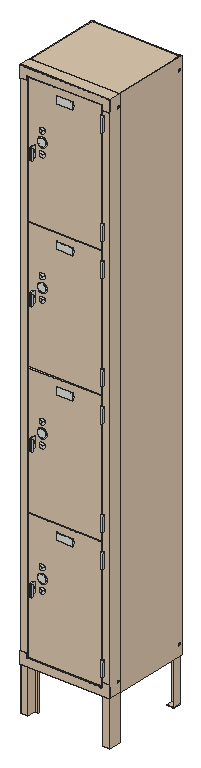
Revit family "Metal_Vented_Lockers-Salsbury_Industries-74000_Series-1_Wide_Units", category Specialty Equipment, Revit 2026 (continued)
Definition of nested family "Metal Locker Zee Base-Left Side"
  Dimensions and locks (in)
    "Depth": plane 7 "Left Edge of Enclosure" to plane 8 "Right Edge of Enclosure"
    "Width": plane 10 "Left Edge of Base" to plane 6 "Right Side of Unit"
    equal spacing: plane 10 "Left Edge of Base", plane 3 "Center (Left/Right)", plane 6 "Right Side of Unit"
    locked: plane 4 "Floor" to plane 9 "Bottom Edge of Enclosure" at 0.06
    aligned and locked: level to plane 2
    aligned and locked: plane 10 "Left Edge of Base" to Extrusion 1
  Automatic sketch dimensions
    plane 8 "Right Edge of Enclosure" to Extrusion 1 sketch curve = 0.000"
    Extrusion 1 sketch curve to plane 6 "Right Side of Unit" = 0.000"  (x2)
    plane 7 "Left Edge of Enclosure" to Extrusion 1 sketch curve = 0.000"
    Extrusion 1 sketch curve to plane 10 "Left Edge of Base" = 0.000"
    Extrusion 1 sketch curve to Extrusion 1 sketch curve = 0.060"
    plane 7 "Left Edge of Enclosure" to Extrusion 1 sketch curve = 0.060"
    plane 10 "Left Edge of Base" to Extrusion 1 sketch curve = 0.060"
    plane 5 "Top of Enclosure" to Extrusion 2 sketch curve = 0.000"
    Extrusion 2 sketch curve to Extrusion 2 sketch curve = 0.060"
    Extrusion 2 sketch curve to plane 7 "Left Edge of Enclosure" = 1.24133"
    plane 8 "Right Edge of Enclosure" to Extrusion 2 sketch curve = 1.250"
Definition of nested family "Metal Locker Zee Base Corner"
  Parameters (values of type "77572, 77575, 77578")
    Width = 2.000"
    Visible = yes
    Version = "1.0 (11/30/15)"
    Type Comments = "Zee Base Kit for Standard Metal Lockers - No Legs"
    Primary Structure Material = none
    Model = "n/a"
    Manufacturer = "Salsbury Industries"
    Height = 3.940"
    Description = "4\" H x 6' L - for 12\" Deep Lockers (Includes 6 Foot Front Base, 2 End Bases, Corner Splicer and 4 Rear Legs)"
    Depth = 2.000"
    Default Elevation = 0.000"
  Types (2): name | Visible
    77572, 77575, 77578 | yes
    None | no
  Reference planes (in)
    plane 1 "Center (Front/Back)": y = 0
    plane 2 "Bottom of Component": z = 0
    plane 3 "Center (Left/Right)": x = 0
    plane 4: z = 3.94
    plane 5: x = -1
    plane 6: x = 1
    plane 7 "Front": y = -1
    plane 8 "Back": y = 1
  Forms (in)
    Extrusion 1, solid, material <- "Primary Structure Material", visible <- "Visible"
      sketch origin (0, 0, 0) x (1, 0, 0) y (0, 1, 0)
        loop
          line (-1, 1) -> (-1, 0.94) -> (0.94, 0.94) -> (0.94, -1) -> (1, -1) -> (1, 1) -> (-1, 1)
      from 0 to 3.94
  Dimensions and locks (in)
    "Height": plane 4 to plane 2 "Bottom of Component"
    equal spacing: plane 5, plane 3 "Center (Left/Right)", plane 6
    "Width": plane 5 to plane 6
    equal spacing: plane 7 "Front", plane 1 "Center (Front/Back)", plane 8 "Back"
    "Depth": plane 7 "Front" to plane 8 "Back"
    aligned and locked: plane 2 "Bottom of Component" to level
  Automatic sketch dimensions
    Extrusion 1 sketch curve to plane 5 = 0.000"
    plane 7 "Front" to Extrusion 1 sketch curve = 0.000"
    Extrusion 1 sketch curve to plane 6 = 0.000"
    plane 8 "Back" to Extrusion 1 sketch curve = 0.000"
    plane 6 to Extrusion 1 sketch curve = 0.060"
    Extrusion 1 sketch curve to Extrusion 1 sketch curve = 0.060"
Definition of nested family "Metal Locker End Panel"
  Parameters (values of type "77362 - for 6' H x 12" D Lockers")
    Width = 0.925"
    Visible = yes
    Version = "1.0 (11/30/15)"
    Type Comments = "Finished End Panel for Standard Metal Lockers"
    Primary Structure Material = none
    Model = "77362"
    MasterFormat Title = ""
    MasterFormat Number = ""
    Manufacturer = "Salsbury Industries"
    Height = 72.000"
    Description = "End Panel for 6' H x 12\" Deep Lockers"
    Depth = 12.010"
    Default Elevation = 0.000"
    Assembly Code = ""
  Types (7): name | Visible | Model | Height | Description | Depth
    77362 - for 6' H x 12" D Lockers | yes | "77362" | 72.000" | "End Panel for 6' H x 12\" Deep Lockers" | 12.010"
    77365 - for 6' H x 15" D Lockers | yes | "77365" | 72.000" | "End Panel for 6' H x 15\" Deep Lockers" | 15.010"
    77368 - for 6' H X 18" D Lockers | yes | "77368" | 72.000" | "End Panel for 6' H x 18\" Deep Lockers" | 18.010"
    77352 - for 5' H x 12" D Lockers | yes | "77352" | 60.000" | "End Panel for 5' H x 12\" Deep Lockers" | 12.010"
    77355 - for 5' H x 15" D Lockers | yes | "77355" | 60.000" | "End Panel for 5' H x 15\" Deep Lockers" | 15.010"
    77358 - for 5' H x 18" D Lockers | yes | "77358" | 60.000" | "End Panel for 5' H x 18\" Deep Lockers" | 18.010"
    None | no | "n/a" | 72.000" | "" | 12.010"
  Reference planes (in)
    plane 1 "Center (Front/Back)": y = -2.167
    plane 2: z = 0
    plane 3 "Center (Left/Right)": x = -4.595
    plane 4 "Bottom of Panel": z = 0
    plane 5 "Top of Panel": z = 72
    plane 6 "Front of Panel": y = -8.172
    plane 7 "Right Side of Enclosure": x = -4.1325
    plane 8 "Left Side of Enclosure": x = -5.0575
    plane 9 "Back of Panel": y = 3.838
    plane 10: z = 36
    plane 11: z = 70.283
    plane 12: z = 1.717
    plane 13 "Outside Edge of Front Flap": y = -8.23214
    plane 14 "Outside Edge of Back Flap": y = 3.898
  Forms (in)
    Extrusion 1, solid, material <- "Primary Structure Material", visible <- "Visible"
      sketch origin (-4.1325, 0.48244, 0) x (0, 0, -1) y (0, -1, 0)
        loop
          line (-72, 8.71458) -> (-72, -3.41556) -> (0, -3.41556) -> (0, 8.71458) -> (-72, 8.71458)
      from 0 to -0.06
    Extrusion 2, solid, material <- "Primary Structure Material", visible <- "Visible"
      sketch origin (0, 3.838, 0) x (0, 0, -1) y (1, 0, 0)
        loop
          line (-72, -5.0575) -> (0, -5.0575) -> (0, -4.1325) -> (-72, -4.1325) -> (-72, -5.0575)
      from 0 to -0.06
    Extrusion 3, solid, material <- "Primary Structure Material", visible <- "Visible"
      sketch origin (0, -8.172, 0) x (1, 0, 0) y (0, 0, 1)
        loop
          line (-5.0575, 70.283) -> (-5.0575, 1.717) -> (-4.1325, 1.717) -> (-4.1325, 70.283) -> (-5.0575, 70.283)
      from 0.06014 to 0
  Dimensions and locks (in)
    equal spacing: plane 6 "Front of Panel", plane 1 "Center (Front/Back)", plane 9 "Back of Panel"
    "Depth": plane 6 "Front of Panel" to plane 9 "Back of Panel"
    equal spacing: plane 8 "Left Side of Enclosure", plane 3 "Center (Left/Right)", plane 7 "Right Side of Enclosure"
    "Width": plane 8 "Left Side of Enclosure" to plane 7 "Right Side of Enclosure"
    equal spacing: plane 5 "Top of Panel", plane 10, plane 2
    "Height": plane 5 "Top of Panel" to plane 2
    locked: plane 5 "Top of Panel" to plane 11 at 1.717
    locked: plane 13 "Outside Edge of Front Flap" to plane 6 "Front of Panel" at 0.06014
    locked: plane 9 "Back of Panel" to plane 14 "Outside Edge of Back Flap" at 0.06
    aligned and locked: level to plane 2
    aligned and locked: plane 5 "Top of Panel" to Extrusion 1 sketch curve
    aligned and locked: plane 5 "Top of Panel" to Extrusion 2 sketch curve
    aligned and locked: Extrusion 2 to plane 9 "Back of Panel"
    aligned and locked: plane 11 to Extrusion 3 sketch curve
    aligned and locked: plane 6 "Front of Panel" to Extrusion 3
    aligned and locked: plane 14 "Outside Edge of Back Flap" to Extrusion 2
    aligned and locked: Extrusion 1 to plane 14 "Outside Edge of Back Flap"
    aligned and locked: plane 13 "Outside Edge of Front Flap" to Extrusion 3
    aligned and locked: Extrusion 2 to plane 7 "Right Side of Enclosure"
    aligned and locked: Extrusion 3 to plane 7 "Right Side of Enclosure"
  Automatic sketch dimensions
    Extrusion 1 sketch curve to level = 0.000"
    Extrusion 2 sketch curve to level = 0.000"
    plane 8 "Left Side of Enclosure" to Extrusion 2 sketch curve = 0.000"
    plane 7 "Right Side of Enclosure" to Extrusion 2 sketch curve = 0.000"
    plane 8 "Left Side of Enclosure" to Extrusion 3 sketch curve = 0.000"
    Extrusion 3 sketch curve to plane 12 = 0.000"
    plane 7 "Right Side of Enclosure" to Extrusion 3 sketch curve = 0.000"
    Extrusion 1 sketch curve to plane 14 "Outside Edge of Back Flap" = 0.000"
    plane 6 "Front of Panel" to Extrusion 1 sketch curve = 0.06014"
Definition of nested family "Metal Locker Front Filler"
  Parameters (values of type "77869 - for 6' H Lockers (Zee Base or No Legs)")
    Width = 9.000"
    Visible = yes
    Version = "1.0 (11/30/15)"
    Type Comments = "Vertical Front Filler for Standard Metal Lockers"
    Primary Structure Material = none
    Model = "77865"
    MasterFormat Title = ""
    MasterFormat Number = ""
    Manufacturer = "Salsbury Industries"
    Height = 72.000"
    Description = "9\" W Vertical Front Filler for 6' H Lockers"
    Depth = 1.500"
    Default Elevation = 0.000"
    Assembly Code = ""
  Types (9): name | Width | Visible | Model | Height | Description | Depth
    77865 - for 6' H Lockers with Legs | 15.000" | yes | "77865" | 78.000" | "15\" W Vertical Front Filler for 6' H Lockers" | 1.000"
    77869 - for 6' H Lockers with Legs | 9.000" | yes | "77865" | 78.000" | "9\" W Vertical Front Filler for 6' H Lockers" | 1.000"
    77855 - for 5' H Lockers with Legs | 15.000" | yes | "77855" | 66.000" | "15\" W Vertical Front Filler for 5' H Lockers" | 1.000"
    77859 - for 5' H Lockers with Legs | 9.000" | yes | "77859" | 66.000" | "9\" W Vertical Front Filler for 5' H Lockers" | 1.000"
    None | 15.000" | no | "n/a" | 78.000" | "" | 1.500"
    77865 - for 6' H Lockers (Zee Base or No Legs) | 15.000" | yes | "77865" | 72.000" | "15\" W Vertical Front Filler for 6' H Lockers" | 1.000"
    77869 - for 6' H Lockers (Zee Base or No Legs) | 9.000" | yes | "77865" | 72.000" | "9\" W Vertical Front Filler for 6' H Lockers" | 1.500"
    77859 - for 5' H Lockers (Zee Base or No Legs) | 9.000" | yes | "77859" | 60.000" | "9\" W Vertical Front Filler for 5' H Lockers" | 1.000"
    77855 - for 5' H Lockers (Zee Base or No Legs) | 15.000" | yes | "77855" | 60.000" | "15\" W Vertical Front Filler for 5' H Lockers" | 1.000"
  Reference planes (in)
    plane 1 "Center (Front/Back)": y = -2.167
    plane 2: z = 0
    plane 3 "Center (Left/Right)": x = -4.595
    plane 4 "Bottom of Filler": z = 0
    plane 5 "Top of Panel": z = 72
    plane 6 "Front of Filler": y = -2.917
    plane 7 "Right Side of Filler": x = -0.095
    plane 8 "Left Side of Filler": x = -9.095
    plane 9 "Back of Filler": y = -1.417
    plane 10: z = 36
  Forms (in)
    Extrusion 1, solid, material <- "Primary Structure Material", visible <- "Visible"
      sketch origin (0, 0, 0) x (0, -1, 0) y (1, 0, 0)
        loop
          line (1.417, -9.095) -> (2.917, -9.095) -> (2.917, -1.095) -> (2.869, -1.095) -> (2.869, -9.047) -> (1.417, -9.047) -> (1.417, -9.095)
      from 0 to 72
    Extrusion 2, solid, material <- "Primary Structure Material", visible <- "Visible"
      sketch origin (0, -0.20425, 0) x (0, -1, 0) y (1, 0, 0)
        loop
          line (1.30875, -0.095) -> (1.30875, -0.143) -> (2.76075, -0.143) -> (2.76075, -1.595) -> (2.80875, -1.595) -> (2.80875, -0.095) -> (1.30875, -0.095)
      from 0 to 72
    Extrusion 3, solid, material <- "Primary Structure Material", visible <- "Visible"
      sketch origin (0, 0.10825, 0) x (0, -1, 0) y (1, 0, 0)
        loop
          line (3.07325, -1.595) -> (3.07325, -0.82524) -> (3.02525, -0.82524) -> (3.02525, -1.376) -> (3.02525, -1.449) -> (3.02525, -1.522) -> (3.02525, -1.595) -> (3.07325, -1.595)
      from 0 to 72
    Extrusion 4, solid, material <- "Primary Structure Material", visible <- "Visible"
      sketch origin (0, 0, 0) x (0, -1, 0) y (1, 0, 0)
        loop
          line (2.917, -0.82524) -> (2.821, -0.82524) -> (2.821, -1.80024) -> (2.869, -1.80024) -> (2.869, -0.87324) -> (2.917, -0.87324) -> (2.917, -0.82524)
      from 0 to 72
  Dimensions and locks (in)
    equal spacing: plane 6 "Front of Filler", plane 1 "Center (Front/Back)", plane 9 "Back of Filler"
    "Depth": plane 6 "Front of Filler" to plane 9 "Back of Filler"
    equal spacing: plane 8 "Left Side of Filler", plane 3 "Center (Left/Right)", plane 7 "Right Side of Filler"
    "Width": plane 8 "Left Side of Filler" to plane 7 "Right Side of Filler"
    equal spacing: plane 5 "Top of Panel", plane 10, plane 2
    "Height": plane 5 "Top of Panel" to plane 2
    aligned and locked: level to plane 2
    aligned and locked: Extrusion 1 to plane 5 "Top of Panel"
    aligned and locked: Extrusion 2 to plane 5 "Top of Panel"
    aligned and locked: Extrusion 3 to plane 5 "Top of Panel"
    aligned and locked: Extrusion 4 to plane 5 "Top of Panel"
  Automatic sketch dimensions
    plane 9 "Back of Filler" to Extrusion 1 sketch curve = 0.000"
    plane 6 "Front of Filler" to Extrusion 1 sketch curve = 0.000"
    Extrusion 1 sketch curve to plane 8 "Left Side of Filler" = 0.000"
    Extrusion 1 sketch curve to plane 6 "Front of Filler" = 0.048"
    Extrusion 1 sketch curve to Extrusion 1 sketch curve = 0.048"
    plane 7 "Right Side of Filler" to Extrusion 1 sketch curve = 1.000"
    Extrusion 2 sketch curve to plane 7 "Right Side of Filler" = 0.000"
    plane 7 "Right Side of Filler" to Extrusion 2 sketch curve = 0.048"
    plane 9 "Back of Filler" to Extrusion 2 sketch curve = 0.096"
    plane 6 "Front of Filler" to Extrusion 2 sketch curve = 0.048"
    Extrusion 2 sketch curve to Extrusion 2 sketch curve = 0.048"
    Extrusion 2 sketch curve to Extrusion 2 sketch curve = 1.452"
    plane 6 "Front of Filler" to Extrusion 3 sketch curve = 0.000"
    plane 7 "Right Side of Filler" to Extrusion 3 sketch curve = 1.500"
    Extrusion 3 sketch curve to Extrusion 3 sketch curve = 0.073"  (x3)
    Extrusion 3 sketch curve to Extrusion 3 sketch curve = 0.55076"
    Extrusion 3 sketch curve to Extrusion 3 sketch curve = 0.048"
    plane 6 "Front of Filler" to Extrusion 4 sketch curve = 0.000"
    Extrusion 4 sketch curve to plane 6 "Front of Filler" = 0.048"
    Extrusion 4 sketch curve to Extrusion 4 sketch curve = 0.048"  (x2)
    plane 7 "Right Side of Filler" to Extrusion 4 sketch curve = 1.70524"
    plane 7 "Right Side of Filler" to Extrusion 4 sketch curve = 0.77824"
Definition of nested family "Metal Locker Flat Top Filler"
  Parameters (values of type "77842 - for 12" Deep Lockers (15" W)")
    Width = 16.250"
    Visible = yes
    Version = "1.0 (11/30/15)"
    Type Comments = "Flat Top Filler for Standard Metal Lockers"
    Primary Structure Material = none
    Model = "77842"
    MasterFormat Title = ""
    MasterFormat Number = ""
    Manufacturer = "Salsbury Industries"
    Height = 1.003"
    Description = "15\"W Flat Top In-Line Filler"
    Depth = 12.118"
    Default Elevation = 0.000"
    Assembly Code = ""
  Types (7): name | Width | Visible | Model | Depth
    77842 - for 12" Deep Lockers (15" W) | 16.250" | yes | "77842" | 12.118"
    77842 - for 12" Deep Lockers (9" W) | 10.250" | yes | "77842" | 12.118"
    77845 - for 15" Deep Lockers (15" W) | 16.250" | yes | "77845" | 15.118"
    77845 - for 15" Deep Lockers (9" W) | 10.250" | yes | "77845" | 15.118"
    77848 - for 18" Deep Lockers (15" W) | 16.250" | yes | "77848" | 18.118"
    77848 - for 18" Deep Lockers (9" W) | 10.250" | yes | "77848" | 18.118"
    None | 16.250" | no | "" | 12.118"
  Reference planes (in)
    plane 1 "Center (Front/Back)": y = -2.167
    plane 2: z = 0
    plane 3 "Center (Left/Right)": x = -4.595
    plane 4 "Bottom of Panel": z = 0
    plane 5 "Top of Panel": z = 1.003
    plane 6 "Front of Panel": y = -8.226
    plane 7 "Right Side of Enclosure": x = 3.53
    plane 8 "Left Side of Enclosure": x = -12.72
    plane 9 "Back of Panel": y = 3.892
    plane 10: z = 0.5015
  Forms (in)
    Extrusion 1, solid, material <- "Primary Structure Material", visible <- "Visible"
      sketch origin (-4.595, 0, 0) x (0, 1, 0) y (0, 0, 1)
        loop
          line (-8.226, 0) -> (-8.178, 0) -> (-8.178, 0.955) -> (3.892, 0.955) -> (3.892, 1.003) -> (-8.226, 1.003) -> (-8.226, 0)
      from -8.125 to 8.125
  Dimensions and locks (in)
    equal spacing: plane 6 "Front of Panel", plane 1 "Center (Front/Back)", plane 9 "Back of Panel"
    "Depth": plane 6 "Front of Panel" to plane 9 "Back of Panel"
    equal spacing: plane 8 "Left Side of Enclosure", plane 3 "Center (Left/Right)", plane 7 "Right Side of Enclosure"
    "Width": plane 8 "Left Side of Enclosure" to plane 7 "Right Side of Enclosure"
    equal spacing: plane 5 "Top of Panel", plane 10, plane 2
    "Height": plane 5 "Top of Panel" to plane 2
    aligned and locked: level to plane 2
    aligned and locked: Extrusion 1 to plane 7 "Right Side of Enclosure"
    aligned and locked: plane 8 "Left Side of Enclosure" to Extrusion 1
    aligned and locked: plane 6 "Front of Panel" to Extrusion 1
    aligned and locked: Extrusion 1 to plane 9 "Back of Panel"
  Automatic sketch dimensions
    plane 5 "Top of Panel" to Extrusion 1 sketch curve = 0.000"
    Extrusion 1 sketch curve to plane 6 "Front of Panel" = 0.000"
    Extrusion 1 sketch curve to level = 0.000"
    Extrusion 1 sketch curve to plane 9 "Back of Panel" = 0.000"
    Extrusion 1 sketch curve to plane 6 "Front of Panel" = 0.048"
    plane 5 "Top of Panel" to Extrusion 1 sketch curve = 0.048"
Definition of nested family "Metal Locker Flat Corner Filler"
  Parameters (values of type "77832 - for 12" Deep Lockers")
    Width = 12.625"
    Visible = yes
    Version = "1.0 (11/30/15)"
    Type Comments = "Flat Top Corner Filler for Standard Metal Lockers"
    Primary Structure Material = none
    Model = "77832"
    MasterFormat Title = ""
    MasterFormat Number = ""
    Manufacturer = "Salsbury Industries"
    Height = 0.048"
    Description = "12\"W Flat Top Corner Filler"
    Depth = 12.625"
    Default Elevation = 0.000"
    Assembly Code = ""
  Types (4): name | Width | Visible | Model | Description | Depth
    77832 - for 12" Deep Lockers | 12.625" | yes | "77832" | "12\"W Flat Top Corner Filler" | 12.625"
    77835 - for 15" Deep Lockers | 15.625" | yes | "77835" | "15\"W Flat Top Corner Filler" | 15.625"
    77838 - for 18" Deep Lockers | 18.625" | yes | "77838" | "18\"W Flat Top Corner Filler" | 18.625"
    None | 12.625" | no | "" | "" | 12.625"
  Reference planes (in)
    plane 1 "Center (Front/Back)": y = -2.167
    plane 2: z = 0
    plane 3 "Center (Left/Right)": x = -4.595
    plane 4 "Bottom of Panel": z = 0
    plane 5 "Top of Panel": z = 0.048
    plane 6 "Front of Panel": y = -8.4795
    plane 7 "Right Side of Enclosure": x = 1.7175
    plane 8 "Left Side of Enclosure": x = -10.9075
    plane 9 "Back of Panel": y = 4.1455
    plane 10: z = 0.024
  Forms (in)
    Extrusion 1, solid, material <- "Primary Structure Material", visible <- "Visible"
      sketch origin (0, 0, 0) x (0, -1, 0) y (1, 0, 0)
        loop
          line (7.8545, -10.9075) -> (7.8545, -10.2825) -> (8.4795, -10.2825) -> (8.4795, 1.7175) -> (-4.1455, 1.7175) -> (-4.1455, -10.9075) -> (7.8545, -10.9075)
      from 0 to 0.048
  Dimensions and locks (in)
    equal spacing: plane 6 "Front of Panel", plane 1 "Center (Front/Back)", plane 9 "Back of Panel"
    "Depth": plane 6 "Front of Panel" to plane 9 "Back of Panel"
    equal spacing: plane 8 "Left Side of Enclosure", plane 3 "Center (Left/Right)", plane 7 "Right Side of Enclosure"
    "Width": plane 8 "Left Side of Enclosure" to plane 7 "Right Side of Enclosure"
    equal spacing: plane 5 "Top of Panel", plane 10, plane 2
    "Height": plane 5 "Top of Panel" to plane 2
    aligned and locked: level to plane 2
    aligned and locked: Extrusion 1 to plane 9 "Back of Panel"
    aligned and locked: plane 6 "Front of Panel" to Extrusion 1
    aligned and locked: Extrusion 1 to plane 7 "Right Side of Enclosure"
    aligned and locked: plane 8 "Left Side of Enclosure" to Extrusion 1
  Automatic sketch dimensions
    Extrusion 1 sketch curve to plane 8 "Left Side of Enclosure" = 0.000"
    plane 9 "Back of Panel" to Extrusion 1 sketch curve = 0.000"
    plane 6 "Front of Panel" to Extrusion 1 sketch curve = 0.000"
    Extrusion 1 sketch curve to plane 7 "Right Side of Enclosure" = 0.000"
    Extrusion 1 sketch curve to plane 8 "Left Side of Enclosure" = 0.625"
    Extrusion 1 sketch curve to plane 6 "Front of Panel" = 0.625"
Definition of nested family "Metal Locker Sloping Hood"
  Parameters (values of type "77752 - for 12" Deep Lockers (1 Wide)")
    Width = 12.040"
    Visible = yes
    Version = "1.0 (11/30/15)"
    Type Comments = "Sloping Hood for Standard Metal Lockers"
    Slope Angle = 28.761°
    Primary Structure Material = none
    Model = "77752"
    MasterFormat Title = ""
    MasterFormat Number = ""
    Manufacturer = "Salsbury Industries"
    Height = 6.625"
    Dividing Lines = no
    Description = "12\" Deep for up to (3) 12\" Wide Lockers"
    Depth = 12.070"
    Default Elevation = 0.000"
    Assembly Code = ""
  Types (12): name | Width | Visible | Slope Angle | Model | Height | Dividing Lines | Description | Depth
    77752 - for 12" Deep Lockers (1 Wide) | 12.040" | yes | 28.761° | "77752" | 6.625" | no | "12\" Deep for up to (3) 12\" Wide Lockers" | 12.070"
    77752 - for 12" Deep Lockers (3 Wide) | 36.040" | yes | 28.761° | "77752" | 6.625" | yes | "12\" Deep for up to (3) 12\" Wide Lockers" | 12.070"
    77755 - for 15" Deep Lockers (1 Wide) | 12.040" | yes | 29.946° | "77755" | 8.682" | no | "15\" Deep for up to (3) 12\" Wide Lockers" | 15.070"
    77755 - for 15" Deep Lockers (3 Wide) | 36.040" | yes | 29.946° | "77755" | 8.628" | yes | "15\" Deep for up to (3) 12\" Wide Lockers" | 15.070"
    77758 - for 18" Deep Lockers (1 Wide) | 12.040" | yes | 30.723° | "77758" | 10.739" | no | "18\" Deep for up to (3) 12\" Wide Lockers" | 18.070"
    77758 - for 18" Deep Lockers (3 Wide) | 36.040" | yes | 30.723° | "77758" | 10.739" | yes | "18\" Deep for up to (3) 12\" Wide Lockers" | 18.070"
    None | 12.000" | no | 28.761° | "" | 6.625" | no | "" | 12.070"
    77765 - for 15" Deep Lockers (1 Wide) | 15.040" | yes | 29.946° | "77752" | 6.625" | no | "12\" Deep for up to (3) 12\" Wide Lockers" | 15.070"
    77768 - for 18" Deep Lockers (1 Wide) | 15.040" | yes | 30.723° | "77752" | 6.625" | no | "12\" Deep for up to (3) 12\" Wide Lockers" | 18.070"
    77765 - for 15" Deep Lockers (3 Wide) | 45.040" | yes | 29.946° | "77752" | 6.625" | yes | "12\" Deep for up to (3) 12\" Wide Lockers" | 15.070"
    77768 - for 18" Deep Lockers (3 Wide) | 45.040" | yes | 30.723° | "77752" | 6.625" | yes | "12\" Deep for up to (3) 12\" Wide Lockers" | 18.070"
    77759 - for 18" Deep Bridge Lockers | 72.040" | yes | 30.723° | "77752" | 6.625" | no | "12\" Deep for up to (3) 12\" Wide Lockers" | 18.070"
  Reference planes (in)
    plane 1 "Center (Front/Back)": y = -2.167
    plane 2: z = 0
    plane 3 "Center (Left/Right)": x = -4.595
    plane 4 "Bottom of Panel": z = 0
    plane 5 "Top of Panel": z = 6.625
    plane 6 "Front of Panel": y = -8.202
    plane 7 "Right Side of Enclosure": x = 1.425
    plane 8 "Left Side of Enclosure": x = -10.615
    plane 9 "Back of Panel": y = 3.868
    plane 10: z = 3.3125
    plane 11: through (0, -7.81601, 0.21186) normal (0, -0.4812, 0.8766)
    plane 12: through (0, -7.94397, 0.10626) normal (0, -0.4812, 0.8766)
    plane 13: y = 3.837
    plane 14: y = 3.806
    plane 15: y = 3.775
    plane 16: y = 3.37433
    plane 17 "Divider 1": x = -6.60167
    plane 18 "Divider 2": x = -2.58833
  Forms (in)
    Extrusion 1, solid, material <- "Primary Structure Material", visible <- "Visible"
      sketch origin (1.425, 0, 0) x (0, 0, -1) y (0, -1, 0)
        loop
          line (-6.62484, -3.868) -> (0, -3.868) -> (0, 8.202) -> (-6.62484, -3.868)
      from 0 to 0.031
    Extrusion 2, solid, material <- "Primary Structure Material", visible <- "Visible"
      sketch origin (1.425, 0, 0) x (0, 0, -1) y (0, -1, 0)
        loop
          line (0, -3.868) -> (0, -3.837) -> (-6.60783, -3.837) -> (-6.62484, -3.868) -> (0, -3.868)
      from 0.03098 to 0.40598
    Extrusion 3, solid, material <- "Primary Structure Material", visible <- "Visible"
      sketch origin (1.425, 0, 0) x (0, 0, -1) y (0, -1, 0)
        loop
          line (0, -3.837) -> (0, 8.13757) -> (-0.031, 8.08109) -> (-0.031, -3.837) -> (0, -3.837)
      from 0.031 to 0.80198
    Extrusion 4, solid, material <- "Primary Structure Material", visible <- "Visible"
      sketch origin (-10.615, 0, 0) x (0, 0, -1) y (0, -1, 0)
        loop
          line (-6.62484, -3.868) -> (0, -3.868) -> (0, 8.202) -> (-6.62484, -3.868)
      from 0 to -0.031
    Extrusion 5, solid, material <- "Primary Structure Material", visible <- "Visible"
      sketch origin (-10.615, 0, 0) x (0, 0, -1) y (0, -1, 0)
        loop
          line (0, -3.868) -> (0, -3.837) -> (-6.60783, -3.837) -> (-6.62484, -3.868) -> (0, -3.868)
      from -0.031 to -0.406
    Extrusion 6, solid, material <- "Primary Structure Material", visible <- "Visible"
      sketch origin (-10.615, 0, 0) x (0, 0, -1) y (0, -1, 0)
        loop
          line (0, -3.837) -> (0, 8.13757) -> (-0.031, 8.08109) -> (-0.031, -3.837) -> (0, -3.837)
      from -0.031 to -0.802
    Extrusion 7, solid, material <- "Primary Structure Material", visible <- "Visible"
      sketch origin (-4.595, 0, 0) x (0, 1, 0) y (0, 0, 1)
        loop
          line (3.837, 6.60783) -> (-8.202, 0) -> (-7.84238, 0) -> (-7.84238, 0.031) -> (-8.08109, 0.031) -> (3.806, 6.55545) -> (3.806, 6.21809) -> (3.837, 6.21809) -> (3.837, 6.60783)
      from -5.989 to 5.989
    Extrusion 8, solid, material <- "Primary Structure Material", visible <- "Visible"
      sketch origin (-4.595, -0.031, 0) x (0, 1, 0) y (0, 0, 1)
        loop
          line (3.837, 0.031) -> (3.837, 6.55545) -> (3.806, 6.53844) -> (3.806, 0.031) -> (3.837, 0.031)
      from -5.989 to 5.989
    Extrusion 9, solid, material <- "Primary Structure Material", visible <- "Visible"
      sketch origin (0, -0.031, 0) x (0, -1, 0) y (1, 0, 0)
        loop
          line (-3.806, -9.75653) -> (-3.40533, -9.75653) -> (-3.40533, 0.56919) -> (-3.806, 0.56919) -> (-3.806, -9.75653)
      from 0.031 to 0.06464
  Lines and regions (in)
    model lines, visible <- "Dividing Lines"
      curve 1: line (-6.60167, -8.21456, -0.0069) -> (-6.60167, 3.868, 6.62484)
      curve 2: line (-2.58833, -8.21456, -0.0069) -> (-2.58833, 3.868, 6.62484)
  Dimensions and locks (in)
    equal spacing: plane 6 "Front of Panel", plane 1 "Center (Front/Back)", plane 9 "Back of Panel"
    "Depth": plane 6 "Front of Panel" to plane 9 "Back of Panel"
    equal spacing: plane 8 "Left Side of Enclosure", plane 17 "Divider 1", plane 18 "Divider 2", plane 7 "Right Side of Enclosure"
    "Width": plane 8 "Left Side of Enclosure" to plane 7 "Right Side of Enclosure"
    equal spacing: plane 5 "Top of Panel", plane 10, plane 2
    "Height": plane 5 "Top of Panel" to plane 2
    locked: plane 11 to plane 12 at 0.031
    plane 16 to plane 15 to plane 14 to plane 13 to plane 9 "Back of Panel" = 0.40067", 0.031", 0.031", 0.031"
    equal spacing: plane 8 "Left Side of Enclosure", plane 3 "Center (Left/Right)", plane 7 "Right Side of Enclosure"
    "Slope Angle": angle plane 4 "Bottom of Panel" to plane 11
    aligned and locked: level to plane 2
    aligned and locked: Extrusion 1 to plane 9 "Back of Panel"
    aligned and locked: plane 4 "Bottom of Panel" to Extrusion 1
    aligned and locked: Extrusion 7 to Extrusion 1
    aligned and locked: Extrusion 7 to Extrusion 4
    aligned and locked: Extrusion 7 to Extrusion 8  (x2)
    aligned and locked: plane 11 to Extrusion 7 sketch curve
    aligned and locked: plane 12 to Extrusion 7 sketch curve
    aligned and locked: plane 12 to Extrusion 8 sketch curve
    aligned and locked: Extrusion 4 sketch curve to plane 11
    aligned and locked: Extrusion 1 sketch curve to plane 11
    aligned and locked: Extrusion 3 sketch curve to plane 12
    aligned and locked: Extrusion 6 sketch curve to plane 12
    aligned and locked: plane 13 to Extrusion 7
    aligned and locked: plane 14 to Extrusion 8
    aligned and locked: plane 15 to Extrusion 8
    aligned and locked: plane 16 to Extrusion 9
    aligned and locked: plane 13 to Extrusion 7 sketch curve
    aligned and locked: Extrusion 7 sketch curve to plane 14
    aligned and locked: plane 13 to Extrusion 2 sketch curve
    aligned and locked: plane 11 to Extrusion 2 sketch curve
    aligned and locked: plane 13 to Extrusion 5 sketch curve
    aligned and locked: plane 11 to Extrusion 5 sketch curve
    aligned and locked: curve 2 to plane 18 "Divider 2"
    aligned and locked: curve 1 to plane 17 "Divider 1"
  Automatic sketch dimensions
    Extrusion 7 sketch curve to level = 0.000"
    level to Extrusion 7 sketch curve = 0.031"
    Extrusion 7 sketch curve to Extrusion 7 sketch curve = 0.23871"
    Extrusion 7 sketch curve to Extrusion 7 sketch curve = 0.33736"
    Extrusion 1 sketch curve to plane 9 "Back of Panel" = 0.000"
    Extrusion 1 sketch curve to level = 0.000"
    Extrusion 2 sketch curve to plane 9 "Back of Panel" = 0.000"
    Extrusion 2 sketch curve to level = 0.000"
    Extrusion 3 sketch curve to plane 13 = 0.000"
    Extrusion 3 sketch curve to level = 0.000"
    level to Extrusion 3 sketch curve = 0.031"
    Extrusion 4 sketch curve to plane 9 "Back of Panel" = 0.000"
    Extrusion 4 sketch curve to level = 0.000"
    Extrusion 5 sketch curve to plane 9 "Back of Panel" = 0.000"
    Extrusion 5 sketch curve to level = 0.000"
    Extrusion 6 sketch curve to plane 13 = 0.000"
    Extrusion 6 sketch curve to level = 0.000"
    Extrusion 6 sketch curve to Extrusion 6 sketch curve = 0.031"
    Extrusion 8 sketch curve to plane 15 = 0.000"
    Extrusion 8 sketch curve to plane 14 = 0.000"
    level to Extrusion 8 sketch curve = 0.031"
    plane 15 to Extrusion 9 sketch curve = 0.000"
    plane 16 to Extrusion 9 sketch curve = 0.000"
    Extrusion 9 sketch curve to plane 8 "Left Side of Enclosure" = 0.85847"
    plane 7 "Right Side of Enclosure" to Extrusion 9 sketch curve = 0.85581"
    curve 1 to plane 9 "Back of Panel" = 0.000"
    plane 11 to curve 1 = 0.000"
    curve 1 to plane 11 = 0.000"
    curve 1 to level = 0.0069"
    curve 2 to plane 9 "Back of Panel" = 0.000"
    plane 11 to curve 2 = 0.000"
    curve 2 to plane 11 = 0.000"
    curve 2 to level = 0.0069"
Definition of nested family "Metal Locker Sloping Top Filler"
  Parameters (values of type "77882 - for 12" Deep Lockers (15" W)")
    Width = 16.250"
    Visible = yes
    Version = "1.0 (11/30/15)"
    Type Comments = "Sloping Hood In-Line Filler for Standard Metal Lockers"
    Slope Angle = 28.761°
    Primary Structure Material = none
    Model = "77882"
    MasterFormat Title = ""
    MasterFormat Number = ""
    Manufacturer = "Salsbury Industries"
    Height = 1.003"
    Description = "15\"W Sloping Hood In-Line Filler"
    Depth = 12.118"
    Default Elevation = 0.000"
    Assembly Code = ""
  Types (7): name | Width | Visible | Type Comments | Slope Angle | Model | Description | Depth
    77882 - for 12" Deep Lockers (15" W) | 16.250" | yes | "Sloping Hood In-Line Filler for Standard Metal Lockers" | 28.761° | "77882" | "15\"W Sloping Hood In-Line Filler" | 12.118"
    77882 - for 12" Deep Lockers (9" W) | 10.250" | yes | "Sloping Hood In-Line Filler for Standard Metal Lockers" | 28.761° | "77882" | "15\"W Sloping Hood In-Line Filler" | 12.118"
    77885 - for 15" Deep Lockers (15" W) | 16.250" | yes | "Sloping Hood In-Line Filler for Standard Metal Lockers" | 29.946° | "77885" | "15\"W Sloping Hood In-Line Filler" | 15.118"
    77885 - for 15" Deep Lockers (9" W) | 10.250" | yes | "Sloping Hood In-Line Filler for Standard Metal Lockers" | 29.946° | "77885" | "15\"W Sloping Hood In-Line Filler" | 15.118"
    77888 - for 18" Deep Lockers (15" W) | 16.250" | yes | "Sloping Hood In-Line Filler for Standard Metal Lockers" | 30.723° | "77888" | "15\"W Sloping Hood In-Line Filler" | 18.118"
    77888 - for 18" Deep Lockers (9" W) | 10.250" | yes | "Sloping Hood In-Line Filler for Standard Metal Lockers" | 30.723° | "77888" | "15\"W Sloping Hood In-Line Filler" | 18.118"
    None | 16.250" | no | "Sloping Hood for Standard Metal Lockers" | 28.761° | "" | "" | 12.118"
  Reference planes (in)
    plane 1 "Center (Front/Back)": y = -2.167
    plane 2: z = 0
    plane 3 "Center (Left/Right)": x = -4.595
    plane 4 "Bottom of Panel": z = 0
    plane 5 "Top of Panel": z = 1.003
    plane 6 "Front of Panel": y = -8.226
    plane 7 "Right Side of Enclosure": x = 3.53
    plane 8 "Left Side of Enclosure": x = -12.72
    plane 9 "Back of Panel": y = 3.892
    plane 10: z = 0.5015
    plane 11: through (0, -7.6072, 0.33964) normal (0, -0.4812, 0.8766)
    plane 12: through (0, -7.72698, 0.21914) normal (0, -0.4812, 0.8766)
  Forms (in)
    Extrusion 1, solid, material <- "Primary Structure Material", visible <- "Visible"
      sketch origin (-4.595, 0, 0) x (0, 1, 0) y (0, 0, 1)
        loop
          line (3.892, 6.65119) -> (-8.226, 0) -> (-8.226, -1.028) -> (-8.178, -1.028) -> (-8.178, -0.02841) -> (3.892, 6.59643) -> (3.892, 6.65119)
      from -8.125 to 8.125
  Dimensions and locks (in)
    equal spacing: plane 6 "Front of Panel", plane 1 "Center (Front/Back)", plane 9 "Back of Panel"
    "Depth": plane 6 "Front of Panel" to plane 9 "Back of Panel"
    equal spacing: plane 8 "Left Side of Enclosure", plane 3 "Center (Left/Right)", plane 7 "Right Side of Enclosure"
    "Width": plane 8 "Left Side of Enclosure" to plane 7 "Right Side of Enclosure"
    equal spacing: plane 5 "Top of Panel", plane 10, plane 2
    "Height": plane 5 "Top of Panel" to plane 2
    locked: plane 11 to plane 12 at 0.048
    "Slope Angle": angle plane 4 "Bottom of Panel" to plane 11
    aligned and locked: level to plane 2
    aligned and locked: plane 11 to Extrusion 1 sketch curve
    aligned and locked: plane 12 to Extrusion 1 sketch curve
    aligned and locked: Extrusion 1 to plane 7 "Right Side of Enclosure"
    aligned and locked: plane 8 "Left Side of Enclosure" to Extrusion 1
  Automatic sketch dimensions
    Extrusion 1 sketch curve to plane 6 "Front of Panel" = 0.000"
    Extrusion 1 sketch curve to Extrusion 1 sketch curve = 0.99959"
    Extrusion 1 sketch curve to level = 0.02841"
    Extrusion 1 sketch curve to plane 9 "Back of Panel" = 0.000"
Definition of nested family "Metal Locker Sloping Corner Filler"
  Parameters (values of type "77872 - for 12" Deep Lockers")
    Width = 12.695"
    Visible = yes
    Version = "1.0 (11/30/15)"
    Type Comments = "Sloping Hood Corner Filler for Standard Metal Lockers"
    Slope Angle 2 = 28.761°
    Slope Angle 1 = 28.761°
    Primary Structure Material = none
    Model = "77872"
    MasterFormat Title = ""
    MasterFormat Number = ""
    Manufacturer = "Salsbury Industries"
    Height = 6.87897"
    Description = "12\"D Sloping Hood Corner Filler"
    Depth = 12.695"
    Default Elevation = 0.000"
    Assembly Code = ""
  Types (4): name | Width | Visible | Slope Angle 2 | Slope Angle 1 | Model | Description | Depth
    77872 - for 12" Deep Lockers | 12.695" | yes | 28.761° | 28.761° | "77872" | "12\"D Sloping Hood Corner Filler" | 12.695"
    77875 - for 15" Deep Lockers | 15.695" | yes | 29.946° | 29.946° | "77875" | "15\"D Sloping Hood Corner Filler" | 15.695"
    77878 - for 18" Deep Lockers | 18.695" | yes | 30.723° | 30.723° | "77878" | "18\"D Sloping Hood Corner Filler" | 18.695"
    None | 12.695" | no | 28.723° | 28.723° | "" | "" | 12.695"
  Reference planes (in)
    plane 1 "Center (Front/Back)": y = -2.167
    plane 2: z = 0
    plane 3 "Center (Left/Right)": x = -4.595
    plane 4 "Bottom of Panel": z = 0
    plane 5 "Top of Panel": z = 6.87897
    plane 6 "Front of Panel": y = -8.5145
    plane 7 "Right Side of Enclosure": x = 1.7525
    plane 8 "Left Side of Enclosure": x = -10.9425
    plane 9 "Back of Panel": y = 4.1805
    plane 10 "Center Top/Bottom": z = 3.43948
    plane 11 "Slope 1": through (0, -7.42276, 0.59922) normal (0, -0.4812, 0.8766)
    plane 12: through (0, -7.54254, 0.47872) normal (0, -0.4812, 0.8766)
    plane 13 "Diagonal Plane": through (-10.86131, 4.09969, 48) normal (0.7071, 0.7071, 0)
    plane 14 "Cutout Plane 1": y = -7.8895
    plane 15 "Cutout Plane 2": x = 1.1275
    plane 16 "Slope 2": through (1.43902, -180, 0.17206) normal (-0.4812, 0, -0.8766)
    plane 17: through (5.04554, -180, -1.86199) normal (-0.4812, 0, -0.8766)
  Forms (in)
    Extrusion 1, solid, material <- "Primary Structure Material", visible <- "Visible"
      sketch origin (-4.595, 0, 0) x (0, 1, 0) y (0, 0, 1)
        loop
          line (-7.8895, 0.28829) -> (4.1805, 6.91313) -> (4.1805, 6.96789) -> (-7.8895, 0.34304) -> (-7.8895, 0.28829)
      from -6.3475 to 6.3475
    Extrusion 2, void
      sketch origin (0, 0, 3.43948) x (1, 0, 0) y (0, 1, 0)
        loop
          line (1.75288, -8.5145) -> (-10.9425, 4.18088) -> (-10.9425, -8.5145) -> (1.75288, -8.5145)
      from -3.43948 to 8.2673
    Extrusion 3, solid, material <- "Primary Structure Material", visible <- "Visible"
      sketch origin (0, -2.167, 0) x (1, 0, 0) y (0, 0, 1)
        loop
          line (1.1275, 0.2885) -> (1.1275, 0.34304) -> (-10.9425, 6.96789) -> (-10.9425, 6.91334) -> (1.1275, 0.2885)
      from -6.3475 to 6.3475
    Extrusion 4, void
      sketch origin (-4.595, 0, 0) x (0, 1, 0) y (0, 0, 1)
        loop
          line (4.1805, 0) -> (4.1805, 6.91313) -> (-8.41474, 0) -> (4.1805, 0)
      from -6.3475 to 6.3475
    Extrusion 5, solid, not visible
      sketch origin (1.1275, 0, 0) x (0, -1, 0) y (0, 0, 1)
        loop
          line (8.60982, 0.2885) -> (7.8895, 0.2885) -> (7.8895, 0) -> (8.60982, 0) -> (8.60982, 0.2885)
      from -0.72026 to 0
  Cuts and joins
    Extrusion 2, Extrusion 4 cuts Extrusion 1
    Extrusion 4 cuts Extrusion 3
  Dimensions and locks (in)
    equal spacing: plane 6 "Front of Panel", plane 1 "Center (Front/Back)", plane 9 "Back of Panel"
    "Depth": plane 6 "Front of Panel" to plane 9 "Back of Panel"
    equal spacing: plane 8 "Left Side of Enclosure", plane 3 "Center (Left/Right)", plane 7 "Right Side of Enclosure"
    "Width": plane 8 "Left Side of Enclosure" to plane 7 "Right Side of Enclosure"
    equal spacing: plane 5 "Top of Panel", plane 10 "Center Top/Bottom", plane 2
    "Height": plane 5 "Top of Panel" to plane 2
    locked: plane 11 "Slope 1" to plane 12 at 0.048
    locked: plane 15 "Cutout Plane 2" to plane 7 "Right Side of Enclosure" at 0.625
    locked: plane 6 "Front of Panel" to plane 14 "Cutout Plane 1" at 0.625
    locked: plane 17 to plane 16 "Slope 2" at 0.04782
    "Slope Angle 1": angle plane 4 "Bottom of Panel" to plane 11 "Slope 1"
    "Slope Angle 2": angle plane 16 "Slope 2" to plane 4 "Bottom of Panel"
    aligned and locked: level to plane 2
    aligned and locked: Extrusion 1 sketch curve to plane 14 "Cutout Plane 1"
    aligned and locked: plane 9 "Back of Panel" to Extrusion 1 sketch curve
    aligned and locked: Extrusion 1 sketch curve to plane 11 "Slope 1"
    aligned and locked: plane 12 to Extrusion 1 sketch curve
    aligned and locked: plane 8 "Left Side of Enclosure" to Extrusion 1
    aligned and locked: Extrusion 1 to plane 7 "Right Side of Enclosure"
    aligned and locked: plane 6 "Front of Panel" to Extrusion 2 sketch curve
    aligned and locked: plane 8 "Left Side of Enclosure" to Extrusion 2 sketch curve
    aligned and locked: plane 13 "Diagonal Plane" to Extrusion 2 sketch curve
    aligned and locked: plane 4 "Bottom of Panel" to cut or joined group of Extrusion 1, Extrusion 2, Extrusion 4
    aligned and locked: Extrusion 4 sketch curve to level
    aligned and locked: Extrusion 4 sketch curve to plane 9 "Back of Panel"
    aligned and locked: plane 12 to Extrusion 4 sketch curve
    aligned and locked: Extrusion 4 to plane 7 "Right Side of Enclosure"
    aligned and locked: plane 8 "Left Side of Enclosure" to Extrusion 4
    aligned and locked: cut or joined group of Extrusion 3, Extrusion 4 to plane 15 "Cutout Plane 2"
    aligned and locked: plane 6 "Front of Panel" to cut or joined group of Extrusion 3, Extrusion 4
    aligned and locked: cut or joined group of Extrusion 3, Extrusion 4 to plane 9 "Back of Panel"
    aligned and locked: Extrusion 3 sketch curve to plane 15 "Cutout Plane 2"
    aligned and locked: Extrusion 3 sketch curve to plane 16 "Slope 2"
    aligned and locked: plane 8 "Left Side of Enclosure" to Extrusion 3 sketch curve
    aligned and locked: plane 17 to Extrusion 3 sketch curve
  Automatic sketch dimensions
    Extrusion 5 sketch curve to plane 14 "Cutout Plane 1" = 0.000"
    Extrusion 5 sketch curve to level = 0.000"
    plane 6 "Front of Panel" to Extrusion 5 sketch curve = 0.09532"
    Extrusion 5 sketch curve to Extrusion 5 sketch curve = 0.2885"
Definition of nested family "Vents"
  Parameters (values of type "6 foot high vents")
    Vent Count for 6' high Lockers = 36
    Default Elevation = 0.000"
  Types (3): name | Vent Count for 6' high Lockers
    (no name) | 36
    6 foot high vents | 36
    5 foot high vents | 29
  Reference planes (in)
    plane 1 "Center (Front/Back)": y = 0
    plane 2: z = 0
    plane 3 "Center (Left/Right)": x = 0
  Lines and regions (in)
    model lines
      curve 1: spline (-0.12218, 0, 66.35929) -> (-0.10447, 0, 66.33016) -> (-0.08514, 0, 66.30573) -> (-0.06447, 0, 66.28637) -> (-0.04279, 0, 66.27239) -> (-0.02043, 0, 66.26399) -> (0.00227, 0, 66.26132) -> (0.02496, 0, 66.2644) -> (0.04728, 0, 66.27319) -> (0.0689, 0, 66.28755) -> (0.08949, 0, 66.30727) -> (0.10872, 0, 66.33205) -> (0.1263, 0, 66.36149)
      curve 2: line (-0.12218, 0, 66.35929) -> (-0.3738, 0, 67.01138)
      curve 3: line (0.1263, 0, 66.36149) -> (0.37669, 0, 67.01065)
      curve 4: spline (-0.12232, 0, 67.66311) -> (-0.1046, 0, 67.6924) -> (-0.08525, 0, 67.71698) -> (-0.06455, 0, 67.73644) -> (-0.04284, 0, 67.7505) -> (-0.02044, 0, 67.75894) -> (0.00229, 0, 67.76163) -> (0.02501, 0, 67.75853) -> (0.04737, 0, 67.74968) -> (0.06902, 0, 67.73522) -> (0.08963, 0, 67.71538) -> (0.10888, 0, 67.69045) -> (0.12647, 0, 67.66083)
      curve 5: line (-0.12232, 0, 67.66311) -> (-0.3738, 0, 67.01138)
      curve 6: line (0.12647, 0, 67.66083) -> (0.37669, 0, 67.01065)
      curve 7: spline (-0.12218, 0, 64.62229) -> (-0.10447, 0, 64.59316) -> (-0.08514, 0, 64.56873) -> (-0.06447, 0, 64.54937) -> (-0.04279, 0, 64.53539) -> (-0.02043, 0, 64.52699) -> (0.00227, 0, 64.52432) -> (0.02496, 0, 64.5274) -> (0.04728, 0, 64.53619) -> (0.0689, 0, 64.55055) -> (0.08949, 0, 64.57027) -> (0.10872, 0, 64.59505) -> (0.1263, 0, 64.62449)
      curve 8: line (-0.12218, 0, 64.62229) -> (-0.3738, 0, 65.27438)
      curve 9: line (0.1263, 0, 64.62449) -> (0.37669, 0, 65.27365)
      curve 10: spline (-0.12232, 0, 65.92611) -> (-0.1046, 0, 65.9554) -> (-0.08525, 0, 65.97998) -> (-0.06455, 0, 65.99944) -> (-0.04284, 0, 66.0135) -> (-0.02044, 0, 66.02194) -> (0.00229, 0, 66.02463) -> (0.02501, 0, 66.02153) -> (0.04737, 0, 66.01268) -> (0.06902, 0, 65.99822) -> (0.08963, 0, 65.97838) -> (0.10888, 0, 65.95345) -> (0.12647, 0, 65.92383)
      curve 11: line (-0.12232, 0, 65.92611) -> (-0.3738, 0, 65.27438)
      curve 12: line (0.12647, 0, 65.92383) -> (0.37669, 0, 65.27365)
      curve 13: spline (-0.12218, 0, 62.88529) -> (-0.10447, 0, 62.85616) -> (-0.08514, 0, 62.83173) -> (-0.06447, 0, 62.81237) -> (-0.04279, 0, 62.79839) -> (-0.02043, 0, 62.78999) -> (0.00227, 0, 62.78732) -> (0.02496, 0, 62.7904) -> (0.04728, 0, 62.79919) -> (0.0689, 0, 62.81355) -> (0.08949, 0, 62.83327) -> (0.10872, 0, 62.85805) -> (0.1263, 0, 62.88749)
      curve 14: line (-0.12218, 0, 62.88529) -> (-0.3738, 0, 63.53738)
      curve 15: line (0.1263, 0, 62.88749) -> (0.37669, 0, 63.53665)
      curve 16: spline (-0.12232, 0, 64.18911) -> (-0.1046, 0, 64.2184) -> (-0.08525, 0, 64.24298) -> (-0.06455, 0, 64.26244) -> (-0.04284, 0, 64.2765) -> (-0.02044, 0, 64.28494) -> (0.00229, 0, 64.28763) -> (0.02501, 0, 64.28453) -> (0.04737, 0, 64.27568) -> (0.06902, 0, 64.26122) -> (0.08963, 0, 64.24138) -> (0.10888, 0, 64.21645) -> (0.12647, 0, 64.18683)
      curve 17: line (-0.12232, 0, 64.18911) -> (-0.3738, 0, 63.53738)
      curve 18: line (0.12647, 0, 64.18683) -> (0.37669, 0, 63.53665)
      curve 19: spline (-0.12218, 0, 61.14829) -> (-0.10447, 0, 61.11916) -> (-0.08514, 0, 61.09473) -> (-0.06447, 0, 61.07537) -> (-0.04279, 0, 61.06139) -> (-0.02043, 0, 61.05299) -> (0.00227, 0, 61.05032) -> (0.02496, 0, 61.0534) -> (0.04728, 0, 61.06219) -> (0.0689, 0, 61.07655) -> (0.08949, 0, 61.09627) -> (0.10872, 0, 61.12105) -> (0.1263, 0, 61.15049)
      curve 20: line (-0.12218, 0, 61.14829) -> (-0.3738, 0, 61.80038)
      curve 21: line (0.1263, 0, 61.15049) -> (0.37669, 0, 61.79965)
      curve 22: spline (-0.12232, 0, 62.45211) -> (-0.1046, 0, 62.4814) -> (-0.08525, 0, 62.50598) -> (-0.06455, 0, 62.52544) -> (-0.04284, 0, 62.5395) -> (-0.02044, 0, 62.54794) -> (0.00229, 0, 62.55063) -> (0.02501, 0, 62.54753) -> (0.04737, 0, 62.53868) -> (0.06902, 0, 62.52422) -> (0.08963, 0, 62.50438) -> (0.10888, 0, 62.47945) -> (0.12647, 0, 62.44983)
      curve 23: line (-0.12232, 0, 62.45211) -> (-0.3738, 0, 61.80038)
      curve 24: line (0.12647, 0, 62.44983) -> (0.37669, 0, 61.79965)
      curve 25: spline (-0.12218, 0, 59.41129) -> (-0.10447, 0, 59.38216) -> (-0.08514, 0, 59.35773) -> (-0.06447, 0, 59.33837) -> (-0.04279, 0, 59.32439) -> (-0.02043, 0, 59.31599) -> (0.00227, 0, 59.31332) -> (0.02496, 0, 59.3164) -> (0.04728, 0, 59.32519) -> (0.0689, 0, 59.33955) -> (0.08949, 0, 59.35927) -> (0.10872, 0, 59.38405) -> (0.1263, 0, 59.41349)
      curve 26: line (-0.12218, 0, 59.41129) -> (-0.3738, 0, 60.06338)
      curve 27: line (0.1263, 0, 59.41349) -> (0.37669, 0, 60.06265)
      curve 28: spline (-0.12232, 0, 60.71511) -> (-0.1046, 0, 60.7444) -> (-0.08525, 0, 60.76898) -> (-0.06455, 0, 60.78844) -> (-0.04284, 0, 60.8025) -> (-0.02044, 0, 60.81094) -> (0.00229, 0, 60.81363) -> (0.02501, 0, 60.81053) -> (0.04737, 0, 60.80168) -> (0.06902, 0, 60.78722) -> (0.08963, 0, 60.76738) -> (0.10888, 0, 60.74245) -> (0.12647, 0, 60.71283)
      curve 29: line (-0.12232, 0, 60.71511) -> (-0.3738, 0, 60.06338)
      curve 30: line (0.12647, 0, 60.71283) -> (0.37669, 0, 60.06265)
      curve 31: spline (-0.12218, 0, 57.67429) -> (-0.10447, 0, 57.64516) -> (-0.08514, 0, 57.62073) -> (-0.06447, 0, 57.60137) -> (-0.04279, 0, 57.58739) -> (-0.02043, 0, 57.57899) -> (0.00227, 0, 57.57632) -> (0.02496, 0, 57.5794) -> (0.04728, 0, 57.58819) -> (0.0689, 0, 57.60255) -> (0.08949, 0, 57.62227) -> (0.10872, 0, 57.64705) -> (0.1263, 0, 57.67649)
      curve 32: line (-0.12218, 0, 57.67429) -> (-0.3738, 0, 58.32638)
      curve 33: line (0.1263, 0, 57.67649) -> (0.37669, 0, 58.32565)
      curve 34: spline (-0.12232, 0, 58.97811) -> (-0.1046, 0, 59.0074) -> (-0.08525, 0, 59.03198) -> (-0.06455, 0, 59.05144) -> (-0.04284, 0, 59.0655) -> (-0.02044, 0, 59.07394) -> (0.00229, 0, 59.07663) -> (0.02501, 0, 59.07353) -> (0.04737, 0, 59.06468) -> (0.06902, 0, 59.05022) -> (0.08963, 0, 59.03038) -> (0.10888, 0, 59.00545) -> (0.12647, 0, 58.97583)
      curve 35: line (-0.12232, 0, 58.97811) -> (-0.3738, 0, 58.32638)
      curve 36: line (0.12647, 0, 58.97583) -> (0.37669, 0, 58.32565)
      curve 37: spline (-0.12218, 0, 55.93729) -> (-0.10447, 0, 55.90816) -> (-0.08514, 0, 55.88373) -> (-0.06447, 0, 55.86437) -> (-0.04279, 0, 55.85039) -> (-0.02043, 0, 55.84199) -> (0.00227, 0, 55.83932) -> (0.02496, 0, 55.8424) -> (0.04728, 0, 55.85119) -> (0.0689, 0, 55.86555) -> (0.08949, 0, 55.88527) -> (0.10872, 0, 55.91005) -> (0.1263, 0, 55.93949)
      curve 38: line (-0.12218, 0, 55.93729) -> (-0.3738, 0, 56.58938)
      curve 39: line (0.1263, 0, 55.93949) -> (0.37669, 0, 56.58865)
      curve 40: spline (-0.12232, 0, 57.24111) -> (-0.1046, 0, 57.2704) -> (-0.08525, 0, 57.29498) -> (-0.06455, 0, 57.31444) -> (-0.04284, 0, 57.3285) -> (-0.02044, 0, 57.33694) -> (0.00229, 0, 57.33963) -> (0.02501, 0, 57.33653) -> (0.04737, 0, 57.32768) -> (0.06902, 0, 57.31322) -> (0.08963, 0, 57.29338) -> (0.10888, 0, 57.26845) -> (0.12647, 0, 57.23883)
      curve 41: line (-0.12232, 0, 57.24111) -> (-0.3738, 0, 56.58938)
      curve 42: line (0.12647, 0, 57.23883) -> (0.37669, 0, 56.58865)
      curve 43: spline (-0.12218, 0, 54.20029) -> (-0.10447, 0, 54.17116) -> (-0.08514, 0, 54.14673) -> (-0.06447, 0, 54.12737) -> (-0.04279, 0, 54.11339) -> (-0.02043, 0, 54.10499) -> (0.00227, 0, 54.10232) -> (0.02496, 0, 54.1054) -> (0.04728, 0, 54.11419) -> (0.0689, 0, 54.12855) -> (0.08949, 0, 54.14827) -> (0.10872, 0, 54.17305) -> (0.1263, 0, 54.20249)
      curve 44: line (-0.12218, 0, 54.20029) -> (-0.3738, 0, 54.85238)
      curve 45: line (0.1263, 0, 54.20249) -> (0.37669, 0, 54.85165)
      curve 46: spline (-0.12232, 0, 55.50411) -> (-0.1046, 0, 55.5334) -> (-0.08525, 0, 55.55798) -> (-0.06455, 0, 55.57744) -> (-0.04284, 0, 55.5915) -> (-0.02044, 0, 55.59994) -> (0.00229, 0, 55.60263) -> (0.02501, 0, 55.59953) -> (0.04737, 0, 55.59068) -> (0.06902, 0, 55.57622) -> (0.08963, 0, 55.55638) -> (0.10888, 0, 55.53145) -> (0.12647, 0, 55.50183)
      curve 47: line (-0.12232, 0, 55.50411) -> (-0.3738, 0, 54.85238)
      curve 48: line (0.12647, 0, 55.50183) -> (0.37669, 0, 54.85165)
      curve 49: spline (-0.12218, 0, 52.46329) -> (-0.10447, 0, 52.43416) -> (-0.08514, 0, 52.40973) -> (-0.06447, 0, 52.39037) -> (-0.04279, 0, 52.37639) -> (-0.02043, 0, 52.36799) -> (0.00227, 0, 52.36532) -> (0.02496, 0, 52.3684) -> (0.04728, 0, 52.37719) -> (0.0689, 0, 52.39155) -> (0.08949, 0, 52.41127) -> (0.10872, 0, 52.43605) -> (0.1263, 0, 52.46549)
      curve 50: line (-0.12218, 0, 52.46329) -> (-0.3738, 0, 53.11538)
      curve 51: line (0.1263, 0, 52.46549) -> (0.37669, 0, 53.11465)
      curve 52: spline (-0.12232, 0, 53.76711) -> (-0.1046, 0, 53.7964) -> (-0.08525, 0, 53.82098) -> (-0.06455, 0, 53.84044) -> (-0.04284, 0, 53.8545) -> (-0.02044, 0, 53.86294) -> (0.00229, 0, 53.86563) -> (0.02501, 0, 53.86253) -> (0.04737, 0, 53.85368) -> (0.06902, 0, 53.83922) -> (0.08963, 0, 53.81938) -> (0.10888, 0, 53.79445) -> (0.12647, 0, 53.76483)
      curve 53: line (-0.12232, 0, 53.76711) -> (-0.3738, 0, 53.11538)
      curve 54: line (0.12647, 0, 53.76483) -> (0.37669, 0, 53.11465)
      curve 55: spline (-0.12218, 0, 50.72629) -> (-0.10447, 0, 50.69716) -> (-0.08514, 0, 50.67273) -> (-0.06447, 0, 50.65337) -> (-0.04279, 0, 50.63939) -> (-0.02043, 0, 50.63099) -> (0.00227, 0, 50.62832) -> (0.02496, 0, 50.6314) -> (0.04728, 0, 50.64019) -> (0.0689, 0, 50.65455) -> (0.08949, 0, 50.67427) -> (0.10872, 0, 50.69905) -> (0.1263, 0, 50.72849)
      curve 56: line (-0.12218, 0, 50.72629) -> (-0.3738, 0, 51.37838)
      curve 57: line (0.1263, 0, 50.72849) -> (0.37669, 0, 51.37765)
      curve 58: spline (-0.12232, 0, 52.03011) -> (-0.1046, 0, 52.0594) -> (-0.08525, 0, 52.08398) -> (-0.06455, 0, 52.10344) -> (-0.04284, 0, 52.1175) -> (-0.02044, 0, 52.12594) -> (0.00229, 0, 52.12863) -> (0.02501, 0, 52.12553) -> (0.04737, 0, 52.11668) -> (0.06902, 0, 52.10222) -> (0.08963, 0, 52.08238) -> (0.10888, 0, 52.05745) -> (0.12647, 0, 52.02783)
      curve 59: line (-0.12232, 0, 52.03011) -> (-0.3738, 0, 51.37838)
      curve 60: line (0.12647, 0, 52.02783) -> (0.37669, 0, 51.37765)
      curve 61: spline (-0.12218, 0, 48.98929) -> (-0.10447, 0, 48.96016) -> (-0.08514, 0, 48.93573) -> (-0.06447, 0, 48.91637) -> (-0.04279, 0, 48.90239) -> (-0.02043, 0, 48.89399) -> (0.00227, 0, 48.89132) -> (0.02496, 0, 48.8944) -> (0.04728, 0, 48.90319) -> (0.0689, 0, 48.91755) -> (0.08949, 0, 48.93727) -> (0.10872, 0, 48.96205) -> (0.1263, 0, 48.99149)
      curve 62: line (-0.12218, 0, 48.98929) -> (-0.3738, 0, 49.64138)
      curve 63: line (0.1263, 0, 48.99149) -> (0.37669, 0, 49.64065)
      curve 64: spline (-0.12232, 0, 50.29311) -> (-0.1046, 0, 50.3224) -> (-0.08525, 0, 50.34698) -> (-0.06455, 0, 50.36644) -> (-0.04284, 0, 50.3805) -> (-0.02044, 0, 50.38894) -> (0.00229, 0, 50.39163) -> (0.02501, 0, 50.38853) -> (0.04737, 0, 50.37968) -> (0.06902, 0, 50.36522) -> (0.08963, 0, 50.34538) -> (0.10888, 0, 50.32045) -> (0.12647, 0, 50.29083)
      curve 65: line (-0.12232, 0, 50.29311) -> (-0.3738, 0, 49.64138)
      curve 66: line (0.12647, 0, 50.29083) -> (0.37669, 0, 49.64065)
      curve 67: spline (-0.12218, 0, 47.25229) -> (-0.10447, 0, 47.22316) -> (-0.08514, 0, 47.19873) -> (-0.06447, 0, 47.17937) -> (-0.04279, 0, 47.16539) -> (-0.02043, 0, 47.15699) -> (0.00227, 0, 47.15432) -> (0.02496, 0, 47.1574) -> (0.04728, 0, 47.16619) -> (0.0689, 0, 47.18055) -> (0.08949, 0, 47.20027) -> (0.10872, 0, 47.22505) -> (0.1263, 0, 47.25449)
      curve 68: line (-0.12218, 0, 47.25229) -> (-0.3738, 0, 47.90438)
      curve 69: line (0.1263, 0, 47.25449) -> (0.37669, 0, 47.90365)
      curve 70: spline (-0.12232, 0, 48.55611) -> (-0.1046, 0, 48.5854) -> (-0.08525, 0, 48.60998) -> (-0.06455, 0, 48.62944) -> (-0.04284, 0, 48.6435) -> (-0.02044, 0, 48.65194) -> (0.00229, 0, 48.65463) -> (0.02501, 0, 48.65153) -> (0.04737, 0, 48.64268) -> (0.06902, 0, 48.62822) -> (0.08963, 0, 48.60838) -> (0.10888, 0, 48.58345) -> (0.12647, 0, 48.55383)
      curve 71: line (-0.12232, 0, 48.55611) -> (-0.3738, 0, 47.90438)
      curve 72: line (0.12647, 0, 48.55383) -> (0.37669, 0, 47.90365)
      curve 73: spline (-0.12218, 0, 45.51529) -> (-0.10447, 0, 45.48616) -> (-0.08514, 0, 45.46173) -> (-0.06447, 0, 45.44237) -> (-0.04279, 0, 45.42839) -> (-0.02043, 0, 45.41999) -> (0.00227, 0, 45.41732) -> (0.02496, 0, 45.4204) -> (0.04728, 0, 45.42919) -> (0.0689, 0, 45.44355) -> (0.08949, 0, 45.46327) -> (0.10872, 0, 45.48805) -> (0.1263, 0, 45.51749)
      curve 74: line (-0.12218, 0, 45.51529) -> (-0.3738, 0, 46.16738)
      curve 75: line (0.1263, 0, 45.51749) -> (0.37669, 0, 46.16665)
      curve 76: spline (-0.12232, 0, 46.81911) -> (-0.1046, 0, 46.8484) -> (-0.08525, 0, 46.87298) -> (-0.06455, 0, 46.89244) -> (-0.04284, 0, 46.9065) -> (-0.02044, 0, 46.91494) -> (0.00229, 0, 46.91763) -> (0.02501, 0, 46.91453) -> (0.04737, 0, 46.90568) -> (0.06902, 0, 46.89122) -> (0.08963, 0, 46.87138) -> (0.10888, 0, 46.84645) -> (0.12647, 0, 46.81683)
      curve 77: line (-0.12232, 0, 46.81911) -> (-0.3738, 0, 46.16738)
      curve 78: line (0.12647, 0, 46.81683) -> (0.37669, 0, 46.16665)
      curve 79: spline (-0.12218, 0, 43.77829) -> (-0.10447, 0, 43.74916) -> (-0.08514, 0, 43.72473) -> (-0.06447, 0, 43.70537) -> (-0.04279, 0, 43.69139) -> (-0.02043, 0, 43.68299) -> (0.00227, 0, 43.68032) -> (0.02496, 0, 43.6834) -> (0.04728, 0, 43.69219) -> (0.0689, 0, 43.70655) -> (0.08949, 0, 43.72627) -> (0.10872, 0, 43.75105) -> (0.1263, 0, 43.78049)
      curve 80: line (-0.12218, 0, 43.77829) -> (-0.3738, 0, 44.43038)
      curve 81: line (0.1263, 0, 43.78049) -> (0.37669, 0, 44.42965)
      curve 82: spline (-0.12232, 0, 45.08211) -> (-0.1046, 0, 45.1114) -> (-0.08525, 0, 45.13598) -> (-0.06455, 0, 45.15544) -> (-0.04284, 0, 45.1695) -> (-0.02044, 0, 45.17794) -> (0.00229, 0, 45.18063) -> (0.02501, 0, 45.17753) -> (0.04737, 0, 45.16868) -> (0.06902, 0, 45.15422) -> (0.08963, 0, 45.13438) -> (0.10888, 0, 45.10945) -> (0.12647, 0, 45.07983)
      curve 83: line (-0.12232, 0, 45.08211) -> (-0.3738, 0, 44.43038)
      curve 84: line (0.12647, 0, 45.07983) -> (0.37669, 0, 44.42965)
      curve 85: spline (-0.12218, 0, 42.04129) -> (-0.10447, 0, 42.01216) -> (-0.08514, 0, 41.98773) -> (-0.06447, 0, 41.96837) -> (-0.04279, 0, 41.95439) -> (-0.02043, 0, 41.94599) -> (0.00227, 0, 41.94332) -> (0.02496, 0, 41.9464) -> (0.04728, 0, 41.95519) -> (0.0689, 0, 41.96955) -> (0.08949, 0, 41.98927) -> (0.10872, 0, 42.01405) -> (0.1263, 0, 42.04349)
      curve 86: line (-0.12218, 0, 42.04129) -> (-0.3738, 0, 42.69338)
      curve 87: line (0.1263, 0, 42.04349) -> (0.37669, 0, 42.69265)
      curve 88: spline (-0.12232, 0, 43.34511) -> (-0.1046, 0, 43.3744) -> (-0.08525, 0, 43.39898) -> (-0.06455, 0, 43.41844) -> (-0.04284, 0, 43.4325) -> (-0.02044, 0, 43.44094) -> (0.00229, 0, 43.44363) -> (0.02501, 0, 43.44053) -> (0.04737, 0, 43.43168) -> (0.06902, 0, 43.41722) -> (0.08963, 0, 43.39738) -> (0.10888, 0, 43.37245) -> (0.12647, 0, 43.34283)
      curve 89: line (-0.12232, 0, 43.34511) -> (-0.3738, 0, 42.69338)
      curve 90: line (0.12647, 0, 43.34283) -> (0.37669, 0, 42.69265)
      curve 91: spline (-0.12218, 0, 40.30429) -> (-0.10447, 0, 40.27516) -> (-0.08514, 0, 40.25073) -> (-0.06447, 0, 40.23137) -> (-0.04279, 0, 40.21739) -> (-0.02043, 0, 40.20899) -> (0.00227, 0, 40.20632) -> (0.02496, 0, 40.2094) -> (0.04728, 0, 40.21819) -> (0.0689, 0, 40.23255) -> (0.08949, 0, 40.25227) -> (0.10872, 0, 40.27705) -> (0.1263, 0, 40.30649)
      curve 92: line (-0.12218, 0, 40.30429) -> (-0.3738, 0, 40.95638)
      curve 93: line (0.1263, 0, 40.30649) -> (0.37669, 0, 40.95565)
